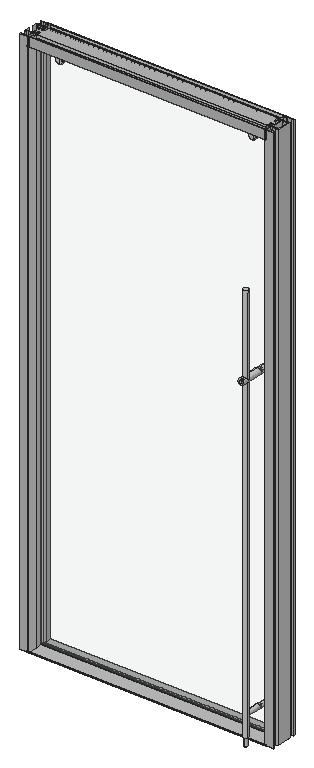
Revit family "Doors_Sliding_Avanti_Systems_Cloud-Eclipse-Sliding-Glass-Pocket-Doors_Solid-wall", category Doors, host Wall, Revit 2015 (continued)
Definition of nested family "Door Frame Left"
  Lines and regions (in)
    model lines, in view "Ref. Level"
      curve 44: arc (0.19913, 1.20807, 0) -> (0.18152, 1.21244, 0) -> (0.16762, 1.20079, 0) r 0.02
      curve 45: arc (0.40003, 1.33422, 0) -> (0.36005, 1.39676, 0) -> (0.2915, 1.42526, 0) r 0.124
      curve 46: arc (0.2749, 1.453, 0) -> (0.27614, 1.4349, 0) -> (0.2915, 1.42526, 0) r 0.02
      curve 47: arc (0.0016, 0.96375, 0) -> (0.0004, 0.95992, 0) -> (0, 0.95592, 0) r 0.02
      curve 48: arc (0.06, 0.56063, 0) -> (0.06413, 0.54846, 0) -> (0.07482, 0.54131, 0) r 0.02
      curve 49: arc (0.0616, 0.95152, 0) -> (0.0604, 0.94769, 0) -> (0.06, 0.94369, 0) r 0.02
      curve 50: arc (0.71754, -0.89988, 0) -> (0.7234, -0.91402, 0) -> (0.73754, -0.91988, 0) r 0.02
      curve 51: arc (1.73836, -1.86591, 0) -> (1.73422, -1.85373, 0) -> (1.72353, -1.84659, 0) r 0.02
      curve 52: arc (1.71836, -2, 0) -> (1.7325, -1.99414, 0) -> (1.73836, -1.98, 0) r 0.02
      curve 53: arc (0.65723, -1.92, 0) -> (0.66309, -1.93414, 0) -> (0.67723, -1.94, 0) r 0.02
      curve 54: arc (0.47686, -1.92783, 0) -> (0.48424, -1.93668, 0) -> (0.49527, -1.94, 0) r 0.02
      curve 55: arc (1.39529, -1.94, 0) -> (1.40747, -1.93587, 0) -> (1.41461, -1.92518, 0) r 0.02
      curve 56: arc (1.47427, -1.7798, 0) -> (1.4591, -1.7818, 0) -> (1.44978, -1.79394, 0) r 0.02
      curve 57: arc (1.44978, -1.12606, 0) -> (1.4591, -1.1382, 0) -> (1.47427, -1.1402, 0) r 0.02
      curve 58: arc (1.7216, -1.07393, 0) -> (1.73229, -1.06679, 0) -> (1.73642, -1.05461, 0) r 0.02
      curve 59: arc (1.44978, -1.12606, 0) -> (1.4591, -1.1382, 0) -> (1.47427, -1.1402, 0) r 0.02
      curve 60: arc (1.41989, -1.01452, 0) -> (1.40616, -0.99358, 0) -> (1.38266, -0.9849, 0) r 0.04
      curve 61: arc (1.38266, -0.9849, 0) -> (1.37459, -0.98629, 0) -> (1.36776, -0.9908, 0) r 0.02
      curve 62: arc (1.47502, -1.78, 0) -> (1.46253, -1.7807, 0) -> (1.45291, -1.78868, 0) r 0.02
      curve 63: arc (1.46422, -0.91988, 0) -> (1.49172, -0.94744, 0) -> (1.51921, -0.91988, 0) r 0.0275
      curve 64: arc (1.46422, -0.90826, 0) -> (1.46143, -0.89807, 0) -> (1.45384, -0.89073, 0) r 0.02
      curve 65: arc (0.57723, -1.94, 0) -> (0.59137, -1.93414, 0) -> (0.59723, -1.92, 0) r 0.02
      curve 66: arc (0.67723, -1.09301, 0) -> (0.66309, -1.09887, 0) -> (0.65723, -1.11301, 0) r 0.02
      curve 67: arc (0.50171, -0.95901, 0) -> (0.57892, -0.85835, 0) -> (0.47785, -0.93503, 0) r 0.064
      curve 68: arc (0.41533, -0.86604, 0) -> (0.41022, -0.91639, 0) -> (0.42565, -0.96459, 0) r 0.124
      curve 69: arc (0.47187, -1.01106, 0) -> (0.52041, -1.02679, 0) -> (0.57116, -1.02164, 0) r 0.124
      curve 70: arc (0.62308, -0.81771, 0) -> (0.57698, -0.78735, 0) -> (0.52227, -0.78, 0) r 0.124
      curve 71: arc (0.62308, -0.81771, 0) -> (0.64498, -0.82243, 0) -> (0.65753, -0.80387, 0) r 0.02
      curve 72: arc (0.59723, -1.0407, 0) -> (0.58904, -1.02455, 0) -> (0.57116, -1.02164, 0) r 0.02
      curve 73: arc (0.41533, -0.86604, 0) -> (0.4124, -0.84818, 0) -> (0.39627, -0.84, 0) r 0.02
      curve 74: arc (1.20758, -1.09301, 0) -> (1.22172, -1.08716, 0) -> (1.22758, -1.07301, 0) r 0.02
      curve 75: arc (1.22403, -0.93503, 0) -> (1.31125, -0.95918, 0) -> (1.3354, -0.87195, 0) r 0.064
      curve 76: arc (1.31154, -0.84796, 0) -> (1.23458, -0.85811, 0) -> (1.22403, -0.93503, 0) r 0.064
      curve 77: arc (1.25204, -1.02436, 0) -> (1.31425, -1.02258, 0) -> (1.36776, -0.9908, 0) r 0.124
      curve 78: arc (1.25204, -1.02436, 0) -> (1.23511, -1.02821, 0) -> (1.22758, -1.04386, 0) r 0.02
      curve 79: arc (1.34138, -0.79591, 0) -> (1.2189, -0.79542, 0) -> (1.15575, -0.90038, 0) r 0.124
      curve 80: arc (1.13576, -0.91988, 0) -> (1.14972, -0.91419, 0) -> (1.15575, -0.90038, 0) r 0.02
      curve 81: arc (0.34204, -1.28468, 0) -> (0.21636, -1.30192, 0) -> (0.34212, -1.31851, 0) r 0.064
      curve 82: arc (0.39986, -1.26867, 0) -> (0.3162, -1.18305, 0) -> (0.19913, -1.20807, 0) r 0.124
      curve 83: arc (0.16762, -1.20079, 0) -> (0.18152, -1.21244, 0) -> (0.19913, -1.20807, 0) r 0.02
      curve 84: arc (0.2915, -1.42526, 0) -> (0.36005, -1.39676, 0) -> (0.40003, -1.33422, 0) r 0.124
      curve 85: arc (0.2915, -1.42526, 0) -> (0.27614, -1.4349, 0) -> (0.2749, -1.453, 0) r 0.02
      curve 86: arc (0, -0.95592, 0) -> (0.0004, -0.95992, 0) -> (0.0016, -0.96375, 0) r 0.02
      curve 87: arc (0.06, -0.76, 0) -> (0.06586, -0.77414, 0) -> (0.08, -0.78, 0) r 0.02
      curve 88: arc (0.07482, -0.53864, 0) -> (0.06413, -0.54578, 0) -> (0.06, -0.55796, 0) r 0.02
      curve 89: arc (0.08, -0.84, 0) -> (0.06586, -0.84586, 0) -> (0.06, -0.86, 0) r 0.02
      curve 90: arc (0.06, -0.94369, 0) -> (0.0604, -0.94769, 0) -> (0.0616, -0.95152, 0) r 0.02
      curve 91: arc (1.65642, -0.91988, 0) -> (1.67056, -0.91402, 0) -> (1.67642, -0.89988, 0) r 0.02
      curve 92: arc (1.67642, 0.89988, 0) -> (1.67056, 0.91402, 0) -> (1.65642, 0.91988, 0) r 0.02
      curve 93: arc (0.73723, 0.91988, 0) -> (0.72309, 0.91402, 0) -> (0.71723, 0.89988, 0) r 0.02
      curve 94: arc (0.01483, -0.38499, 0) -> (0.00413, -0.39214, 0) -> (0, -0.40431, 0) r 0.02
      curve 95: arc (0.30652, -0.47655, 0) -> (0.31866, -0.46724, 0) -> (0.32066, -0.45206, 0) r 0.02
      curve 96: arc (0.31872, 0.45526, 0) -> (0.31673, 0.47043, 0) -> (0.30458, 0.47975, 0) r 0.02
      curve 97: line (0.73723, 0.91988, 0) -> (1.13576, 0.91988, 0)
      curve 98: line (1.65642, 0.91988, 0) -> (1.51921, 0.91988, 0)
      curve 99: line (1.51921, 0.91988, 0) -> (1.59966, 0.91988, 0)
      curve 100: line (1.3119, 1.94, 0) -> (1.37995, 1.94, 0)
      curve 101: line (1.73836, 1.86591, 0) -> (1.73836, 1.98, 0)
      curve 102: line (1.71836, 2, 0) -> (0.45559, 2, 0)
      curve 103: line (1.39529, 1.94, 0) -> (0.67723, 1.94, 0)
      curve 104: line (0.57723, 1.94, 0) -> (0.49527, 1.94, 0)
      curve 105: line (1.47427, 1.7798, 0) -> (1.571, 1.80572, 0)
      curve 106: line (1.56001, 1.84619, 0) -> (1.50205, 1.83066, 0)
      curve 107: line (1.50205, 1.83066, 0) -> (1.48601, 1.89055, 0)
      curve 108: line (1.48601, 1.89055, 0) -> (1.69851, 1.94749, 0)
      curve 109: line (1.69851, 1.94749, 0) -> (1.71456, 1.8876, 0)
      curve 110: line (1.71456, 1.8876, 0) -> (1.6566, 1.87207, 0)
      curve 111: line (1.6566, 1.87207, 0) -> (1.66746, 1.83156, 0)
      curve 112: line (1.66746, 1.83156, 0) -> (1.72353, 1.84659, 0)
      curve 113: line (1.41461, 1.92518, 0) -> (1.44978, 1.79394, 0)
      curve 114: line (1.47427, 1.1402, 0) -> (1.571, 1.11428, 0)
      curve 115: line (1.7216, 1.07393, 0) -> (1.66746, 1.08844, 0)
      curve 116: line (1.66746, 1.08844, 0) -> (1.6566, 1.04793, 0)
      curve 117: line (1.6566, 1.04793, 0) -> (1.71456, 1.0324, 0)
      curve 118: line (1.71456, 1.0324, 0) -> (1.69851, 0.97251, 0)
      curve 119: line (1.69851, 0.97251, 0) -> (1.48601, 1.02945, 0)
      curve 120: line (1.48601, 1.02945, 0) -> (1.50205, 1.08934, 0)
      curve 121: line (1.50205, 1.08934, 0) -> (1.56001, 1.07381, 0)
      curve 122: line (1.41989, 1.01452, 0) -> (1.44978, 1.12606, 0)
      curve 123: line (1.46422, 0.91988, 0) -> (1.46422, 0.90826, 0)
      curve 124: line (0.54481, 0.78, 0) -> (0.08, 0.78, 0)
      curve 125: line (0.39627, 0.84, 0) -> (0.08, 0.84, 0)
      curve 126: line (0.59723, 1.92, 0) -> (0.59723, 1.0407, 0)
      curve 127: line (0.65723, 1.92, 0) -> (0.65723, 1.31753, 0)
      curve 128: line (0.65723, 1.31753, 0) -> (0.64128, 1.30176, 0)
      curve 129: line (0.64128, 1.30176, 0) -> (0.65723, 1.28599, 0)
      curve 130: line (0.65723, 1.28599, 0) -> (0.65723, 1.11301, 0)
      curve 131: line (0.73714, 1.09301, 0) -> (0.73714, 1.05301, 0)
      curve 132: line (0.73714, 1.05301, 0) -> (0.65723, 1.04901, 0)
      curve 133: line (0.65723, 1.04901, 0) -> (0.65723, 0.98901, 0)
      curve 134: line (0.65723, 0.98901, 0) -> (1.16758, 0.98901, 0)
      curve 135: line (1.16758, 0.98901, 0) -> (1.16358, 1.05301, 0)
      curve 136: line (1.16358, 1.05301, 0) -> (1.08758, 1.05301, 0)
      curve 137: line (1.20758, 1.09301, 0) -> (1.08758, 1.09301, 0)
      curve 138: line (1.08758, 1.09301, 0) -> (1.08758, 1.05301, 0)
      curve 139: line (0.67723, 1.09301, 0) -> (0.73714, 1.09301, 0)
      curve 140: line (0.73714, 1.09301, 0) -> (0.67723, 1.09301, 0)
      curve 141: line (1.22758, 1.07301, 0) -> (1.22758, 1.04386, 0)
      curve 142: line (0.50171, 0.95901, 0) -> (0.47187, 1.01106, 0)
      curve 143: line (0.47785, 0.93503, 0) -> (0.42565, 0.96459, 0)
      curve 144: line (1.34138, 0.79591, 0) -> (1.31154, 0.84796, 0)
      curve 145: line (1.45384, 0.89073, 0) -> (1.38761, 0.84238, 0)
      curve 146: line (1.38761, 0.84238, 0) -> (1.3354, 0.87195, 0)
      curve 147: line (0.34212, 1.31851, 0) -> (0.40003, 1.33422, 0)
      curve 148: line (0.34204, 1.28468, 0) -> (0.39986, 1.26867, 0)
      curve 149: line (0, 0.42254, 0) -> (0, 0.95592, 0)
      curve 150: line (0.06, 0.56063, 0) -> (0.06, 0.76, 0)
      curve 151: line (0.06, 0.86, 0) -> (0.06, 0.94369, 0)
      curve 152: line (0.0016, 0.96375, 0) -> (0.43718, 1.98783, 0)
      curve 153: line (0.0616, 0.95152, 0) -> (0.16762, 1.20079, 0)
      curve 154: line (0.2749, 1.453, 0) -> (0.47686, 1.92783, 0)
      curve 155: line (0.73754, -0.91988, 0) -> (1.13576, -0.91988, 0)
      curve 156: line (1.65642, -0.91988, 0) -> (1.51921, -0.91988, 0)
      curve 157: line (1.51921, -0.91988, 0) -> (1.59966, -0.91988, 0)
      curve 158: line (1.73836, -1.86591, 0) -> (1.73836, -1.98, 0)
      curve 159: line (1.71836, -2, 0) -> (0.45559, -2, 0)
      curve 160: line (1.39529, -1.94, 0) -> (0.67723, -1.94, 0)
      curve 161: line (0.57723, -1.94, 0) -> (0.49527, -1.94, 0)
      curve 162: line (1.47427, -1.7798, 0) -> (1.571, -1.80572, 0)
      curve 163: line (1.571, -1.80572, 0) -> (1.56001, -1.84619, 0)
      curve 164: line (1.56001, -1.84619, 0) -> (1.50205, -1.83066, 0)
      curve 165: line (1.50205, -1.83066, 0) -> (1.48601, -1.89055, 0)
      curve 166: line (1.48601, -1.89055, 0) -> (1.69851, -1.94749, 0)
      curve 167: line (1.69851, -1.94749, 0) -> (1.71456, -1.8876, 0)
      curve 168: line (1.71456, -1.8876, 0) -> (1.6566, -1.87207, 0)
      curve 169: line (1.6566, -1.87207, 0) -> (1.66746, -1.83156, 0)
      curve 170: line (1.66746, -1.83156, 0) -> (1.72353, -1.84659, 0)
      curve 171: line (1.41461, -1.92518, 0) -> (1.44978, -1.79394, 0)
      curve 172: line (1.47427, -1.1402, 0) -> (1.571, -1.11428, 0)
      curve 173: line (1.7216, -1.07393, 0) -> (1.66746, -1.08844, 0)
      curve 174: line (1.66746, -1.08844, 0) -> (1.6566, -1.04793, 0)
      curve 175: line (1.6566, -1.04793, 0) -> (1.71456, -1.0324, 0)
      curve 176: line (1.71456, -1.0324, 0) -> (1.69851, -0.97251, 0)
      curve 177: line (1.69851, -0.97251, 0) -> (1.48601, -1.02945, 0)
      curve 178: line (1.48601, -1.02945, 0) -> (1.50205, -1.08934, 0)
      curve 179: line (1.50205, -1.08934, 0) -> (1.56001, -1.07381, 0)
      curve 180: line (1.56001, -1.07381, 0) -> (1.571, -1.11428, 0)
      curve 181: line (1.41989, -1.01452, 0) -> (1.44978, -1.12606, 0)
      curve 182: line (1.46422, -0.91988, 0) -> (1.46422, -0.90826, 0)
      curve 183: line (0.54481, -0.78, 0) -> (0.08, -0.78, 0)
      curve 184: line (0.39627, -0.84, 0) -> (0.08, -0.84, 0)
      curve 185: line (0.59723, -1.92, 0) -> (0.59723, -1.0407, 0)
      curve 186: line (0.65723, -1.92, 0) -> (0.65723, -1.31753, 0)
      curve 187: line (0.65723, -1.31753, 0) -> (0.64128, -1.30176, 0)
      curve 188: line (0.64128, -1.30176, 0) -> (0.65723, -1.28599, 0)
      curve 189: line (0.65723, -1.28599, 0) -> (0.65723, -1.11301, 0)
      curve 190: line (0.73714, -1.09301, 0) -> (0.73714, -1.05301, 0)
      curve 191: line (0.73714, -1.05301, 0) -> (0.65723, -1.04901, 0)
      curve 192: line (0.65723, -1.04901, 0) -> (0.65723, -0.98901, 0)
      curve 193: line (0.65723, -0.98901, 0) -> (1.16758, -0.98901, 0)
      curve 194: line (1.16758, -0.98901, 0) -> (1.16358, -1.05301, 0)
      curve 195: line (1.16358, -1.05301, 0) -> (1.08758, -1.05301, 0)
      curve 196: line (1.20758, -1.09301, 0) -> (1.08758, -1.09301, 0)
      curve 197: line (1.08758, -1.09301, 0) -> (1.08758, -1.05301, 0)
      curve 198: line (0.67723, -1.09301, 0) -> (0.73714, -1.09301, 0)
      curve 199: line (0.73714, -1.09301, 0) -> (0.67723, -1.09301, 0)
      curve 200: line (1.22758, -1.07301, 0) -> (1.22758, -1.04386, 0)
      curve 201: line (0.50171, -0.95901, 0) -> (0.47187, -1.01106, 0)
      curve 202: line (0.47785, -0.93503, 0) -> (0.42565, -0.96459, 0)
      curve 203: line (1.34138, -0.79591, 0) -> (1.31154, -0.84796, 0)
      curve 204: line (1.45384, -0.89073, 0) -> (1.38761, -0.84238, 0)
      curve 205: line (1.38761, -0.84238, 0) -> (1.3354, -0.87195, 0)
      curve 206: line (0.34212, -1.31851, 0) -> (0.40003, -1.33422, 0)
      curve 207: line (0.34204, -1.28468, 0) -> (0.39986, -1.26867, 0)
      curve 208: line (0, -0.42254, 0) -> (0, -0.95592, 0)
      curve 209: line (0.06, -0.55796, 0) -> (0.06, -0.76, 0)
      curve 210: line (0.06, -0.86, 0) -> (0.06, -0.94369, 0)
      curve 211: line (0.0016, -0.96375, 0) -> (0.43718, -1.98783, 0)
      curve 212: line (0.0616, -0.95152, 0) -> (0.16762, -1.20079, 0)
      curve 213: line (0.2749, -1.453, 0) -> (0.47686, -1.92783, 0)
      curve 214: line (1.67642, -0.36, 0) -> (1.67642, -0.5569, 0)
      curve 215: line (1.67642, -0.5569, 0) -> (1.67642, -0.34, 0)
      curve 216: line (1.67642, -0.34, 0) -> (1.73642, -0.34, 0)
      curve 217: line (1.73642, -0.34, 0) -> (1.73642, -0.93988, 0)
      curve 218: line (1.73642, -0.93988, 0) -> (1.73642, -1.05461, 0)
      curve 219: line (1.67642, 0.89988, 0) -> (1.67642, 0.6169, 0)
      curve 220: line (1.67642, 0.6169, 0) -> (1.61642, 0.6169, 0)
      curve 221: line (1.61642, 0.6169, 0) -> (1.61642, 0.5569, 0)
      curve 222: line (1.61642, 0.5569, 0) -> (1.67642, 0.5569, 0)
      curve 223: line (1.67642, 0.5569, 0) -> (1.67642, 0.34, 0)
      curve 224: line (1.67642, 0.34, 0) -> (1.73642, 0.34, 0)
      curve 225: line (1.73642, 0.34, 0) -> (1.73642, 0.93988, 0)
      curve 226: line (0.71723, 0.89988, 0) -> (0.71723, 0.34, 0)
      curve 227: line (0.71723, 0.34, 0) -> (0.65733, 0.34, 0)
      curve 228: line (0.65733, 0.34, 0) -> (0.65733, 0.80358, 0)
      curve 229: line (0.65753, -0.80387, 0) -> (0.65753, -0.34, 0)
      curve 230: line (0.65753, -0.34, 0) -> (0.71745, -0.34, 0)
      curve 231: line (0.71745, -0.34, 0) -> (0.71745, -0.89988, 0)
      curve 232: line (1.67642, -0.89988, 0) -> (1.67642, -0.6169, 0)
      curve 233: line (1.67642, -0.6169, 0) -> (1.61642, -0.6169, 0)
      curve 234: line (1.61642, -0.6169, 0) -> (1.61642, -0.5569, 0)
      curve 235: line (1.61642, -0.5569, 0) -> (1.67642, -0.5569, 0)
      curve 236: line (0, -0.40431, 0) -> (0, -0.5184, 0)
      curve 237: line (0.17835, -0.38459, 0) -> (0.2363, -0.36906, 0)
      curve 238: line (0.2363, -0.36906, 0) -> (0.25235, -0.42895, 0)
      curve 239: line (0.25235, -0.42895, 0) -> (0.03985, -0.48589, 0)
      curve 240: line (0.03985, -0.48589, 0) -> (0.0238, -0.426, 0)
      curve 241: line (0.0238, -0.426, 0) -> (0.08176, -0.41048, 0)
      curve 242: line (0.08176, -0.41048, 0) -> (0.0709, -0.36997, 0)
      curve 243: line (0.0709, -0.36997, 0) -> (0.01483, -0.38499, 0)
      curve 244: line (0.07482, -0.53864, 0) -> (0.30652, -0.47655, 0)
      curve 245: line (0.32066, -0.45206, 0) -> (0.29063, -0.34, 0)
      curve 246: line (0.29063, -0.34, 0) -> (0.18274, -0.34, 0)
      curve 247: line (0.18274, -0.34, 0) -> (0.16736, -0.34412, 0)
      curve 248: line (0.17641, 0.38779, 0) -> (0.23437, 0.37226, 0)
      curve 249: line (0.23437, 0.37226, 0) -> (0.25042, 0.43215, 0)
      curve 250: line (0.25042, 0.43215, 0) -> (0.03791, 0.48909, 0)
      curve 251: line (0.03791, 0.48909, 0) -> (0.02187, 0.4292, 0)
      curve 252: line (0.02187, 0.4292, 0) -> (0.08875, 0.41144, 0)
      curve 253: line (0.08875, 0.41144, 0) -> (0.0779, 0.37093, 0)
      curve 254: line (0.0779, 0.37093, 0) -> (0.01483, 0.38767, 0)
      curve 255: line (0.07482, 0.54131, 0) -> (0.30458, 0.47975, 0)
      curve 256: line (0.31872, 0.45526, 0) -> (0.28784, 0.34, 0)
      curve 257: line (0.28784, 0.34, 0) -> (0.19273, 0.34, 0)
      curve 258: line (0.19273, 0.34, 0) -> (0.16542, 0.34732, 0)
      curve 259: line (1.3119, -1.94, 0) -> (1.37995, -1.94, 0)
      curve 260: line (0.45559, 2, 0) -> (1.71836, 2, 0)
Definition of nested family "Door Frame Right"
  Reference planes (in)
    plane 1 "Center (Front/Back)": y = 0
    plane 2: z = 0
    plane 3 "Center (Left/Right)": x = 0
  Lines and regions (in)
    model lines, in view "Ref. Level"
      curve 1: arc (-1.7216, 1.07393, 0) -> (-1.73229, 1.06679, 0) -> (-1.73642, 1.05461, 0) r 0.02
      curve 2: line (-1.56001, 1.84619, 0) -> (-1.571, 1.80572, 0)
      curve 3: line (-1.56001, 1.07381, 0) -> (-1.571, 1.11428, 0)
      curve 4: line (-1.73642, 0.93988, 0) -> (-1.73642, 1.05461, 0)
      curve 5: line (-1.56001, -1.84619, 0) -> (-1.571, -1.80572, 0)
      curve 6: arc (-0.43718, 1.98783, 0) -> (-0.44455, 1.99668, 0) -> (-0.45559, 2, 0) r 0.02
      curve 7: arc (-1.73836, 1.86591, 0) -> (-1.73422, 1.85373, 0) -> (-1.72353, 1.84659, 0) r 0.02
      curve 8: arc (-1.71836, 2, 0) -> (-1.7325, 1.99414, 0) -> (-1.73836, 1.98, 0) r 0.02
      curve 9: arc (-0.65723, 1.92, 0) -> (-0.66309, 1.93414, 0) -> (-0.67723, 1.94, 0) r 0.02
      curve 10: arc (-0.47686, 1.92783, 0) -> (-0.48424, 1.93668, 0) -> (-0.49527, 1.94, 0) r 0.02
      curve 11: arc (-1.39529, 1.94, 0) -> (-1.40747, 1.93587, 0) -> (-1.41461, 1.92518, 0) r 0.02
      curve 12: arc (-1.47427, 1.7798, 0) -> (-1.4591, 1.7818, 0) -> (-1.44978, 1.79394, 0) r 0.02
      curve 13: arc (-1.44978, 1.12606, 0) -> (-1.4591, 1.1382, 0) -> (-1.47427, 1.1402, 0) r 0.02
      curve 14: arc (-1.44978, 1.12606, 0) -> (-1.4591, 1.1382, 0) -> (-1.47427, 1.1402, 0) r 0.02
      curve 15: arc (-1.41989, 1.01452, 0) -> (-1.40616, 0.99358, 0) -> (-1.38266, 0.9849, 0) r 0.04
      curve 16: arc (-1.38266, 0.9849, 0) -> (-1.37459, 0.98629, 0) -> (-1.36776, 0.9908, 0) r 0.02
      curve 17: arc (-1.47502, 1.78, 0) -> (-1.46253, 1.7807, 0) -> (-1.45291, 1.78868, 0) r 0.02
      curve 18: arc (-1.46422, 0.91988, 0) -> (-1.49172, 0.94744, 0) -> (-1.51921, 0.91988, 0) r 0.0275
      curve 19: arc (-1.46422, 0.90826, 0) -> (-1.46143, 0.89807, 0) -> (-1.45384, 0.89073, 0) r 0.02
      curve 20: arc (-0.06, 0.76, 0) -> (-0.06586, 0.77414, 0) -> (-0.08, 0.78, 0) r 0.02
      curve 21: arc (-0.08, 0.84, 0) -> (-0.06586, 0.84586, 0) -> (-0.06, 0.86, 0) r 0.02
      curve 22: arc (-0.57723, 1.94, 0) -> (-0.59137, 1.93414, 0) -> (-0.59723, 1.92, 0) r 0.02
      curve 23: arc (-0.67723, 1.09301, 0) -> (-0.66309, 1.09887, 0) -> (-0.65723, 1.11301, 0) r 0.02
      curve 24: arc (-0.50171, 0.95901, 0) -> (-0.57892, 0.85835, 0) -> (-0.47785, 0.93503, 0) r 0.064
      curve 25: arc (-0.41533, 0.86604, 0) -> (-0.41022, 0.91639, 0) -> (-0.42565, 0.96459, 0) r 0.124
      curve 26: arc (-0.47187, 1.01106, 0) -> (-0.52041, 1.02679, 0) -> (-0.57116, 1.02164, 0) r 0.124
      curve 27: arc (-0.62284, 0.81746, 0) -> (-0.57682, 0.78728, 0) -> (-0.52227, 0.78, 0) r 0.124
      curve 28: arc (-0.62284, 0.81746, 0) -> (-0.64473, 0.82213, 0) -> (-0.65725, 0.80358, 0) r 0.02
      curve 29: arc (-0.59723, 1.0407, 0) -> (-0.58904, 1.02455, 0) -> (-0.57116, 1.02164, 0) r 0.02
      curve 30: arc (-0.41533, 0.86604, 0) -> (-0.4124, 0.84818, 0) -> (-0.39627, 0.84, 0) r 0.02
      curve 31: arc (-1.16758, 0.98901, 0) -> (-1.16641, 0.98619, 0) -> (-1.16358, 0.98501, 0) r 0.004
      curve 32: arc (-1.16358, 1.05301, 0) -> (-1.16641, 1.05184, 0) -> (-1.16758, 1.04901, 0) r 0.004
      curve 33: arc (-1.20758, 1.09301, 0) -> (-1.22172, 1.08716, 0) -> (-1.22758, 1.07301, 0) r 0.02
      curve 34: arc (-1.22403, 0.93503, 0) -> (-1.31125, 0.95918, 0) -> (-1.3354, 0.87195, 0) r 0.064
      curve 35: arc (-1.31154, 0.84796, 0) -> (-1.23458, 0.85811, 0) -> (-1.22403, 0.93503, 0) r 0.064
      curve 36: arc (-1.25204, 1.02436, 0) -> (-1.31425, 1.02258, 0) -> (-1.36776, 0.9908, 0) r 0.124
      curve 37: arc (-1.25204, 1.02436, 0) -> (-1.23511, 1.02821, 0) -> (-1.22758, 1.04386, 0) r 0.02
      curve 38: arc (-1.34138, 0.79591, 0) -> (-1.2189, 0.79542, 0) -> (-1.15575, 0.90038, 0) r 0.124
      curve 39: arc (-1.13576, 0.91988, 0) -> (-1.14972, 0.91419, 0) -> (-1.15575, 0.90038, 0) r 0.02
      curve 40: arc (-0.34204, 1.28468, 0) -> (-0.21636, 1.30192, 0) -> (-0.34212, 1.31851, 0) r 0.064
      curve 41: arc (-0.39986, 1.26867, 0) -> (-0.3162, 1.18305, 0) -> (-0.19913, 1.20807, 0) r 0.124
      curve 42: arc (-0.16762, 1.20079, 0) -> (-0.18152, 1.21244, 0) -> (-0.19913, 1.20807, 0) r 0.02
      curve 43: arc (-0.2915, 1.42526, 0) -> (-0.36005, 1.39676, 0) -> (-0.40003, 1.33422, 0) r 0.124
      curve 44: arc (-0.2915, 1.42526, 0) -> (-0.27614, 1.4349, 0) -> (-0.2749, 1.453, 0) r 0.02
      curve 45: arc (0, 0.95592, 0) -> (-0.0004, 0.95992, 0) -> (-0.0016, 0.96375, 0) r 0.02
      curve 46: arc (-0.07482, 0.54131, 0) -> (-0.06413, 0.54846, 0) -> (-0.06, 0.56063, 0) r 0.02
      curve 47: arc (-0.06, 0.94369, 0) -> (-0.0604, 0.94769, 0) -> (-0.0616, 0.95152, 0) r 0.02
      curve 48: arc (-0.73754, -0.91988, 0) -> (-0.7234, -0.91402, 0) -> (-0.71754, -0.89988, 0) r 0.02
      curve 49: arc (-1.72353, -1.84659, 0) -> (-1.73422, -1.85373, 0) -> (-1.73836, -1.86591, 0) r 0.02
      curve 50: arc (-1.73836, -1.98, 0) -> (-1.7325, -1.99414, 0) -> (-1.71836, -2, 0) r 0.02
      curve 51: arc (-0.45559, -2, 0) -> (-0.44455, -1.99668, 0) -> (-0.43718, -1.98783, 0) r 0.02
      curve 52: arc (-0.67723, -1.94, 0) -> (-0.66309, -1.93414, 0) -> (-0.65723, -1.92, 0) r 0.02
      curve 53: arc (-0.49527, -1.94, 0) -> (-0.48424, -1.93668, 0) -> (-0.47686, -1.92783, 0) r 0.02
      curve 54: arc (-1.41461, -1.92518, 0) -> (-1.40747, -1.93587, 0) -> (-1.39529, -1.94, 0) r 0.02
      curve 55: arc (-1.44978, -1.79394, 0) -> (-1.4591, -1.7818, 0) -> (-1.47427, -1.7798, 0) r 0.02
      curve 56: arc (-1.47427, -1.1402, 0) -> (-1.4591, -1.1382, 0) -> (-1.44978, -1.12606, 0) r 0.02
      curve 57: arc (-1.73642, -1.05461, 0) -> (-1.73229, -1.06679, 0) -> (-1.7216, -1.07393, 0) r 0.02
      curve 58: arc (-1.47427, -1.1402, 0) -> (-1.4591, -1.1382, 0) -> (-1.44978, -1.12606, 0) r 0.02
      curve 59: arc (-1.38266, -0.9849, 0) -> (-1.40616, -0.99358, 0) -> (-1.41989, -1.01452, 0) r 0.04
      curve 60: arc (-1.36776, -0.9908, 0) -> (-1.37459, -0.98629, 0) -> (-1.38266, -0.9849, 0) r 0.02
      curve 61: arc (-1.45291, -1.78868, 0) -> (-1.46253, -1.7807, 0) -> (-1.47502, -1.78, 0) r 0.02
      curve 62: arc (-1.51921, -0.91988, 0) -> (-1.49172, -0.94744, 0) -> (-1.46422, -0.91988, 0) r 0.0275
      curve 63: arc (-1.45384, -0.89073, 0) -> (-1.46143, -0.89807, 0) -> (-1.46422, -0.90826, 0) r 0.02
      curve 64: arc (-0.59723, -1.92, 0) -> (-0.59137, -1.93414, 0) -> (-0.57723, -1.94, 0) r 0.02
      curve 65: arc (-0.65723, -1.11301, 0) -> (-0.66309, -1.09887, 0) -> (-0.67723, -1.09301, 0) r 0.02
      curve 66: arc (-0.47785, -0.93503, 0) -> (-0.57892, -0.85835, 0) -> (-0.50171, -0.95901, 0) r 0.064
      curve 67: arc (-0.42565, -0.96459, 0) -> (-0.41022, -0.91639, 0) -> (-0.41533, -0.86604, 0) r 0.124
      curve 68: arc (-0.57116, -1.02164, 0) -> (-0.52041, -1.02679, 0) -> (-0.47187, -1.01106, 0) r 0.124
      curve 69: arc (-0.54481, -0.78, 0) -> (-0.58736, -0.79177, 0) -> (-0.62308, -0.81771, 0) r 0.124
      curve 70: arc (-0.65725, -0.80055, 0) -> (-0.6465, -0.82174, 0) -> (-0.62308, -0.81771, 0) r 0.02
      curve 71: arc (-0.57116, -1.02164, 0) -> (-0.58904, -1.02455, 0) -> (-0.59723, -1.0407, 0) r 0.02
      curve 72: arc (-0.39627, -0.84, 0) -> (-0.4124, -0.84818, 0) -> (-0.41533, -0.86604, 0) r 0.02
      curve 73: arc (-1.22758, -1.07301, 0) -> (-1.22172, -1.08716, 0) -> (-1.20758, -1.09301, 0) r 0.02
      curve 74: arc (-1.3354, -0.87195, 0) -> (-1.31125, -0.95918, 0) -> (-1.22403, -0.93503, 0) r 0.064
      curve 75: arc (-1.22403, -0.93503, 0) -> (-1.23458, -0.85811, 0) -> (-1.31154, -0.84796, 0) r 0.064
      curve 76: arc (-1.36776, -0.9908, 0) -> (-1.31425, -1.02258, 0) -> (-1.25204, -1.02436, 0) r 0.124
      curve 77: arc (-1.22758, -1.04386, 0) -> (-1.23511, -1.02821, 0) -> (-1.25204, -1.02436, 0) r 0.02
      curve 78: arc (-1.15575, -0.90038, 0) -> (-1.2189, -0.79542, 0) -> (-1.34138, -0.79591, 0) r 0.124
      curve 79: arc (-1.15575, -0.90038, 0) -> (-1.14972, -0.91419, 0) -> (-1.13576, -0.91988, 0) r 0.02
      curve 80: arc (-0.34212, -1.31851, 0) -> (-0.21636, -1.30192, 0) -> (-0.34204, -1.28468, 0) r 0.064
      curve 81: arc (-0.19913, -1.20807, 0) -> (-0.3162, -1.18305, 0) -> (-0.39986, -1.26867, 0) r 0.124
      curve 82: arc (-0.19913, -1.20807, 0) -> (-0.18152, -1.21244, 0) -> (-0.16762, -1.20079, 0) r 0.02
      curve 83: arc (-0.40003, -1.33422, 0) -> (-0.36005, -1.39676, 0) -> (-0.2915, -1.42526, 0) r 0.124
      curve 84: arc (-0.2749, -1.453, 0) -> (-0.27614, -1.4349, 0) -> (-0.2915, -1.42526, 0) r 0.02
      curve 85: arc (-0.0016, -0.96375, 0) -> (-0.0004, -0.95992, 0) -> (0, -0.95592, 0) r 0.02
      curve 86: arc (-0.08, -0.78, 0) -> (-0.06586, -0.77414, 0) -> (-0.06, -0.76, 0) r 0.02
      curve 87: arc (-0.06, -0.55796, 0) -> (-0.06413, -0.54578, 0) -> (-0.07482, -0.53864, 0) r 0.02
      curve 88: arc (-0.06, -0.86, 0) -> (-0.06586, -0.84586, 0) -> (-0.08, -0.84, 0) r 0.02
      curve 89: arc (-0.0616, -0.95152, 0) -> (-0.0604, -0.94769, 0) -> (-0.06, -0.94369, 0) r 0.02
      curve 90: arc (-1.67642, -0.89988, 0) -> (-1.67056, -0.91402, 0) -> (-1.65642, -0.91988, 0) r 0.02
      curve 91: arc (-1.65642, 0.91988, 0) -> (-1.67056, 0.91402, 0) -> (-1.67642, 0.89988, 0) r 0.02
      curve 92: arc (-0.71723, 0.89988, 0) -> (-0.72309, 0.91402, 0) -> (-0.73723, 0.91988, 0) r 0.02
      curve 93: arc (0, -0.40431, 0) -> (-0.00413, -0.39214, 0) -> (-0.01483, -0.38499, 0) r 0.02
      curve 94: arc (-0.32066, -0.45206, 0) -> (-0.31866, -0.46724, 0) -> (-0.30652, -0.47655, 0) r 0.02
      curve 95: arc (-0.26409, -0.3182, 0) -> (-0.27926, -0.3202, 0) -> (-0.28858, -0.33234, 0) r 0.02
      curve 96: arc (-0.28665, 0.33554, 0) -> (-0.27733, 0.3234, 0) -> (-0.26215, 0.3214, 0) r 0.02
      curve 97: arc (-0.01483, 0.38767, 0) -> (-0.00414, 0.39481, 0) -> (0, 0.40699, 0) r 0.02
      curve 98: arc (-0.30458, 0.47975, 0) -> (-0.31673, 0.47043, 0) -> (-0.31872, 0.45526, 0) r 0.02
      curve 99: arc (-0.28665, 0.33554, 0) -> (-0.27733, 0.3234, 0) -> (-0.26215, 0.3214, 0) r 0.02
      curve 100: line (-0.73723, 0.91988, 0) -> (-1.13576, 0.91988, 0)
      curve 101: line (-1.65642, 0.91988, 0) -> (-1.51921, 0.91988, 0)
      curve 102: line (-1.51921, 0.91988, 0) -> (-1.59966, 0.91988, 0)
      curve 103: line (-1.3119, 1.94, 0) -> (-1.37995, 1.94, 0)
      curve 104: line (-1.73836, 1.86591, 0) -> (-1.73836, 1.98, 0)
      curve 105: line (-1.71836, 2, 0) -> (-0.45559, 2, 0)
      curve 106: line (-1.39529, 1.94, 0) -> (-0.67723, 1.94, 0)
      curve 107: line (-0.57723, 1.94, 0) -> (-0.49527, 1.94, 0)
      curve 108: line (-1.47427, 1.7798, 0) -> (-1.571, 1.80572, 0)
      curve 109: line (-1.56001, 1.84619, 0) -> (-1.50205, 1.83066, 0)
      curve 110: line (-1.50205, 1.83066, 0) -> (-1.48601, 1.89055, 0)
      curve 111: line (-1.48601, 1.89055, 0) -> (-1.69851, 1.94749, 0)
      curve 112: line (-1.69851, 1.94749, 0) -> (-1.71456, 1.8876, 0)
      curve 113: line (-1.71456, 1.8876, 0) -> (-1.6566, 1.87207, 0)
      curve 114: line (-1.6566, 1.87207, 0) -> (-1.66746, 1.83156, 0)
      curve 115: line (-1.66746, 1.83156, 0) -> (-1.72353, 1.84659, 0)
      curve 116: line (-1.41461, 1.92518, 0) -> (-1.44978, 1.79394, 0)
      curve 117: line (-1.47427, 1.1402, 0) -> (-1.571, 1.11428, 0)
      curve 118: line (-1.7216, 1.07393, 0) -> (-1.66746, 1.08844, 0)
      curve 119: line (-1.66746, 1.08844, 0) -> (-1.6566, 1.04793, 0)
      curve 120: line (-1.6566, 1.04793, 0) -> (-1.71456, 1.0324, 0)
      curve 121: line (-1.71456, 1.0324, 0) -> (-1.69851, 0.97251, 0)
      curve 122: line (-1.69851, 0.97251, 0) -> (-1.48601, 1.02945, 0)
      curve 123: line (-1.48601, 1.02945, 0) -> (-1.50205, 1.08934, 0)
      curve 124: line (-1.50205, 1.08934, 0) -> (-1.56001, 1.07381, 0)
      curve 125: line (-1.41989, 1.01452, 0) -> (-1.44978, 1.12606, 0)
      curve 126: line (-1.46422, 0.91988, 0) -> (-1.46422, 0.90826, 0)
      curve 127: line (-0.54481, 0.78, 0) -> (-0.08, 0.78, 0)
      curve 128: line (-0.39627, 0.84, 0) -> (-0.08, 0.84, 0)
      curve 129: line (-0.59723, 1.92, 0) -> (-0.59723, 1.0407, 0)
      curve 130: line (-0.65723, 1.92, 0) -> (-0.65723, 1.31753, 0)
      curve 131: line (-0.65723, 1.31753, 0) -> (-0.64128, 1.30176, 0)
      curve 132: line (-0.64128, 1.30176, 0) -> (-0.65723, 1.28599, 0)
      curve 133: line (-0.65723, 1.28599, 0) -> (-0.65723, 1.11301, 0)
      curve 134: line (-0.73714, 1.09301, 0) -> (-0.73714, 1.05301, 0)
      curve 135: line (-0.73714, 1.05301, 0) -> (-0.65723, 1.04901, 0)
      curve 136: line (-0.65723, 1.04901, 0) -> (-0.65723, 0.98901, 0)
      curve 137: line (-0.65723, 0.98901, 0) -> (-1.16758, 0.98901, 0)
      curve 138: line (-1.16758, 0.98901, 0) -> (-1.16358, 1.05301, 0)
      curve 139: line (-1.16358, 1.05301, 0) -> (-1.08758, 1.05301, 0)
      curve 140: line (-1.20758, 1.09301, 0) -> (-1.08758, 1.09301, 0)
      curve 141: line (-1.08758, 1.09301, 0) -> (-1.08758, 1.05301, 0)
      curve 142: line (-0.67723, 1.09301, 0) -> (-0.73714, 1.09301, 0)
      curve 143: line (-0.73714, 1.09301, 0) -> (-0.67723, 1.09301, 0)
      curve 144: line (-1.22758, 1.07301, 0) -> (-1.22758, 1.04386, 0)
      curve 145: line (-0.50171, 0.95901, 0) -> (-0.47187, 1.01106, 0)
      curve 146: line (-0.47785, 0.93503, 0) -> (-0.42565, 0.96459, 0)
      curve 147: line (-1.34138, 0.79591, 0) -> (-1.31154, 0.84796, 0)
      curve 148: line (-1.45384, 0.89073, 0) -> (-1.38761, 0.84238, 0)
      curve 149: line (-1.38761, 0.84238, 0) -> (-1.3354, 0.87195, 0)
      curve 150: line (-0.34212, 1.31851, 0) -> (-0.40003, 1.33422, 0)
      curve 151: line (-0.34204, 1.28468, 0) -> (-0.39986, 1.26867, 0)
      curve 152: line (0, 0.42254, 0) -> (0, 0.95592, 0)
      curve 153: line (-0.06, 0.56063, 0) -> (-0.06, 0.76, 0)
      curve 154: line (-0.06, 0.86, 0) -> (-0.06, 0.94369, 0)
      curve 155: line (-0.0016, 0.96375, 0) -> (-0.43718, 1.98783, 0)
      curve 156: line (-0.0616, 0.95152, 0) -> (-0.16762, 1.20079, 0)
      curve 157: line (-0.2749, 1.453, 0) -> (-0.47686, 1.92783, 0)
      curve 158: line (-0.73754, -0.91988, 0) -> (-1.13576, -0.91988, 0)
      curve 159: line (-1.65642, -0.91988, 0) -> (-1.51921, -0.91988, 0)
      curve 160: line (-1.51921, -0.91988, 0) -> (-1.59966, -0.91988, 0)
      curve 161: line (-1.3119, -1.94, 0) -> (-1.37995, -1.94, 0)
      curve 162: line (-1.73836, -1.86591, 0) -> (-1.73836, -1.98, 0)
      curve 163: line (-1.71836, -2, 0) -> (-0.45559, -2, 0)
      curve 164: line (-1.39529, -1.94, 0) -> (-0.67723, -1.94, 0)
      curve 165: line (-0.57723, -1.94, 0) -> (-0.49527, -1.94, 0)
      curve 166: line (-1.47427, -1.7798, 0) -> (-1.571, -1.80572, 0)
      curve 167: line (-1.56001, -1.84619, 0) -> (-1.50205, -1.83066, 0)
      curve 168: line (-1.50205, -1.83066, 0) -> (-1.48601, -1.89055, 0)
      curve 169: line (-1.48601, -1.89055, 0) -> (-1.69851, -1.94749, 0)
      curve 170: line (-1.69851, -1.94749, 0) -> (-1.71456, -1.8876, 0)
      curve 171: line (-1.71456, -1.8876, 0) -> (-1.6566, -1.87207, 0)
      curve 172: line (-1.6566, -1.87207, 0) -> (-1.66746, -1.83156, 0)
      curve 173: line (-1.66746, -1.83156, 0) -> (-1.72353, -1.84659, 0)
      curve 174: line (-1.41461, -1.92518, 0) -> (-1.44978, -1.79394, 0)
      curve 175: line (-1.47427, -1.1402, 0) -> (-1.571, -1.11428, 0)
      curve 176: line (-1.7216, -1.07393, 0) -> (-1.66746, -1.08844, 0)
      curve 177: line (-1.66746, -1.08844, 0) -> (-1.6566, -1.04793, 0)
      curve 178: line (-1.6566, -1.04793, 0) -> (-1.71456, -1.0324, 0)
      curve 179: line (-1.71456, -1.0324, 0) -> (-1.69851, -0.97251, 0)
      curve 180: line (-1.69851, -0.97251, 0) -> (-1.48601, -1.02945, 0)
      curve 181: line (-1.48601, -1.02945, 0) -> (-1.50205, -1.08934, 0)
      curve 182: line (-1.50205, -1.08934, 0) -> (-1.56001, -1.07381, 0)
      curve 183: line (-1.56001, -1.07381, 0) -> (-1.571, -1.11428, 0)
      curve 184: line (-1.41989, -1.01452, 0) -> (-1.44978, -1.12606, 0)
      curve 185: line (-1.73642, 0.93988, 0) -> (-1.73642, -0.93988, 0)
      curve 186: line (-1.73642, -0.93988, 0) -> (-1.73642, -1.05461, 0)
      curve 187: line (-1.46422, -0.91988, 0) -> (-1.46422, -0.90826, 0)
      curve 188: line (-0.54481, -0.78, 0) -> (-0.08, -0.78, 0)
      curve 189: line (-0.39627, -0.84, 0) -> (-0.08, -0.84, 0)
      curve 190: line (-0.59723, -1.92, 0) -> (-0.59723, -1.0407, 0)
      curve 191: line (-0.65723, -1.92, 0) -> (-0.65723, -1.31753, 0)
      curve 192: line (-0.65723, -1.31753, 0) -> (-0.64128, -1.30176, 0)
      curve 193: line (-0.64128, -1.30176, 0) -> (-0.65723, -1.28599, 0)
      curve 194: line (-0.65723, -1.28599, 0) -> (-0.65723, -1.11301, 0)
      curve 195: line (-0.73714, -1.09301, 0) -> (-0.73714, -1.05301, 0)
      curve 196: line (-0.73714, -1.05301, 0) -> (-0.65723, -1.04901, 0)
      curve 197: line (-0.65723, -1.04901, 0) -> (-0.65723, -0.98901, 0)
      curve 198: line (-0.65723, -0.98901, 0) -> (-1.16758, -0.98901, 0)
      curve 199: line (-1.16758, -0.98901, 0) -> (-1.16358, -1.05301, 0)
      curve 200: line (-1.16358, -1.05301, 0) -> (-1.08758, -1.05301, 0)
      curve 201: line (-1.20758, -1.09301, 0) -> (-1.08758, -1.09301, 0)
      curve 202: line (-1.08758, -1.09301, 0) -> (-1.08758, -1.05301, 0)
      curve 203: line (-0.67723, -1.09301, 0) -> (-0.73714, -1.09301, 0)
      curve 204: line (-0.73714, -1.09301, 0) -> (-0.67723, -1.09301, 0)
      curve 205: line (-1.22758, -1.07301, 0) -> (-1.22758, -1.04386, 0)
      curve 206: line (-0.50171, -0.95901, 0) -> (-0.47187, -1.01106, 0)
      curve 207: line (-0.47785, -0.93503, 0) -> (-0.42565, -0.96459, 0)
      curve 208: line (-1.34138, -0.79591, 0) -> (-1.31154, -0.84796, 0)
      curve 209: line (-1.45384, -0.89073, 0) -> (-1.38761, -0.84238, 0)
      curve 210: line (-1.38761, -0.84238, 0) -> (-1.3354, -0.87195, 0)
      curve 211: line (-0.34212, -1.31851, 0) -> (-0.40003, -1.33422, 0)
      curve 212: line (-0.34204, -1.28468, 0) -> (-0.39986, -1.26867, 0)
      curve 213: line (0, -0.42254, 0) -> (0, -0.95592, 0)
      curve 214: line (-0.06, -0.55796, 0) -> (-0.06, -0.76, 0)
      curve 215: line (-0.06, -0.86, 0) -> (-0.06, -0.94369, 0)
      curve 216: line (-0.0016, -0.96375, 0) -> (-0.43718, -1.98783, 0)
      curve 217: line (-0.0616, -0.95152, 0) -> (-0.16762, -1.20079, 0)
      curve 218: line (-0.2749, -1.453, 0) -> (-0.47686, -1.92783, 0)
      curve 219: line (-1.67642, 0.89988, 0) -> (-1.67642, 0.6169, 0)
      curve 220: line (-1.67642, 0.6169, 0) -> (-1.61642, 0.6169, 0)
      curve 221: line (-1.61642, 0.6169, 0) -> (-1.61642, 0.5569, 0)
      curve 222: line (-1.61642, 0.5569, 0) -> (-1.67642, 0.5569, 0)
      curve 223: line (-1.67642, 0.5569, 0) -> (-1.67642, 0.2169, 0)
      curve 224: line (-1.67642, 0.2169, 0) -> (-1.61642, 0.2169, 0)
      curve 225: line (-1.61642, 0.2169, 0) -> (-1.61642, 0.1569, 0)
      curve 226: line (-1.61642, 0.1569, 0) -> (-1.67642, 0.1569, 0)
      curve 227: line (-1.67642, 0.1569, 0) -> (-1.67642, -0.1569, 0)
      curve 228: line (-1.67642, -0.1569, 0) -> (-1.61642, -0.1569, 0)
      curve 229: line (-0.65725, 0.80358, 0) -> (-0.65725, -0.80055, 0)
      curve 230: line (-0.71723, 0.89988, 0) -> (-0.71723, -0.89988, 0)
      curve 231: line (-1.67642, -0.89988, 0) -> (-1.67642, -0.6169, 0)
      curve 232: line (-1.67642, -0.6169, 0) -> (-1.61642, -0.6169, 0)
      curve 233: line (-1.61642, -0.6169, 0) -> (-1.61642, -0.5569, 0)
      curve 234: line (-1.61642, -0.5569, 0) -> (-1.67642, -0.5569, 0)
      curve 235: line (-1.67642, -0.2169, 0) -> (-1.67642, -0.5569, 0)
      curve 236: line (-1.67642, -0.5569, 0) -> (-1.67642, -0.2169, 0)
      curve 237: line (-1.67642, -0.2169, 0) -> (-1.61642, -0.2169, 0)
      curve 238: line (-1.61642, -0.2169, 0) -> (-1.61642, -0.1569, 0)
      curve 239: line (0, -0.40431, 0) -> (0, -0.5184, 0)
      curve 240: line (-0.26409, -0.3182, 0) -> (-0.16736, -0.34412, 0)
      curve 241: line (-0.16736, -0.34412, 0) -> (-0.17835, -0.38459, 0)
      curve 242: line (-0.17835, -0.38459, 0) -> (-0.2363, -0.36906, 0)
      curve 243: line (-0.2363, -0.36906, 0) -> (-0.25235, -0.42895, 0)
      curve 244: line (-0.25235, -0.42895, 0) -> (-0.03985, -0.48589, 0)
      curve 245: line (-0.03985, -0.48589, 0) -> (-0.0238, -0.426, 0)
      curve 246: line (-0.0238, -0.426, 0) -> (-0.08176, -0.41048, 0)
      curve 247: line (-0.08176, -0.41048, 0) -> (-0.0709, -0.36997, 0)
      curve 248: line (-0.0709, -0.36997, 0) -> (-0.01483, -0.38499, 0)
      curve 249: line (-0.07482, -0.53864, 0) -> (-0.30652, -0.47655, 0)
      curve 250: line (-0.32066, -0.45206, 0) -> (-0.28858, -0.33234, 0)
      curve 251: line (-0.26215, 0.3214, 0) -> (-0.16542, 0.34732, 0)
      curve 252: line (-0.16542, 0.34732, 0) -> (-0.17641, 0.38779, 0)
      curve 253: line (-0.17641, 0.38779, 0) -> (-0.23437, 0.37226, 0)
      curve 254: line (-0.23437, 0.37226, 0) -> (-0.25042, 0.43215, 0)
      curve 255: line (-0.25042, 0.43215, 0) -> (-0.03791, 0.48909, 0)
      curve 256: line (-0.03791, 0.48909, 0) -> (-0.02187, 0.4292, 0)
      curve 257: line (-0.02187, 0.4292, 0) -> (-0.08875, 0.41144, 0)
      curve 258: line (-0.08875, 0.41144, 0) -> (-0.0779, 0.37093, 0)
      curve 259: line (-0.0779, 0.37093, 0) -> (-0.01483, 0.38767, 0)
      curve 260: line (-0.07482, 0.54131, 0) -> (-0.30458, 0.47975, 0)
      curve 261: line (-0.31872, 0.45526, 0) -> (-0.28665, 0.33554, 0)
      curve 262: line (0, 0.52172, 0) -> (0, 0.40699, 0)
Definition of nested family "Drop Down Bottom Door Seal"
  Reference planes (in)
    plane 1 "Center (Front/Back)": y = 0
    plane 2: z = 0
    plane 3 "Center (Left/Right)": x = 0
  Lines and regions (in)
    model lines, in view "Ref. Level"
      curve 1: arc (-0.35067, 0.18, 0) -> (-0.33896, 0.15172, 0) -> (-0.31067, 0.14, 0) r 0.04
      curve 2: arc (-0.39067, 0.18, 0) -> (-0.36724, 0.12343, 0) -> (-0.31067, 0.1, 0) r 0.08
      curve 3: arc (0.29406, 0.1, 0) -> (0.32235, 0.11172, 0) -> (0.33406, 0.14, 0) r 0.04
      curve 4: arc (0.29406, 0.06, 0) -> (0.35063, 0.08343, 0) -> (0.37406, 0.14, 0) r 0.08
      curve 5: arc (0.42539, 0.52485, 0) -> (0.39011, 0.51852, 0) -> (0.37406, 0.48648, 0) r 0.04
      curve 6: arc (0.43723, 0.56306, 0) -> (0.36638, 0.55073, 0) -> (0.33406, 0.48648, 0) r 0.08
      curve 7: arc (-0.39067, 0.48633, 0) -> (-0.40677, 0.5184, 0) -> (-0.44211, 0.52466, 0) r 0.04
      curve 8: arc (-0.35067, 0.48633, 0) -> (-0.38309, 0.55064, 0) -> (-0.45406, 0.56283, 0) r 0.08
      curve 9: line (-0.35067, 0.48633, 0) -> (-0.35067, 0.18, 0)
      curve 10: line (-0.39067, 0.48633, 0) -> (-0.39067, 0.18, 0)
      curve 11: line (0.33406, 0.48648, 0) -> (0.33406, 0.14, 0)
      curve 12: line (0.37406, 0.48648, 0) -> (0.37406, 0.14, 0)
      curve 13: line (-1.8, 0, 0) -> (-1.8, 0.06, 0)
      curve 14: line (-1.8, 0.06, 0) -> (1.8, 0.06, 0)
      curve 15: line (1.8, 0.06, 0) -> (1.8, 0, 0)
      curve 16: line (-0.31067, 0.14, 0) -> (0.29406, 0.14, 0)
      curve 17: line (0.29406, 0.14, 0) -> (0.29406, 0.1, 0)
      curve 18: line (0.29406, 0.1, 0) -> (-0.31067, 0.1, 0)
      curve 19: line (-0.31067, 0.1, 0) -> (-0.31067, 0.06, 0)
      curve 20: line (-0.31067, 0.06, 0) -> (0.29406, 0.06, 0)
      curve 21: line (-0.45406, 0.56283, 0) -> (-2, 0.06205, 0)
      curve 22: line (-2, 0.06205, 0) -> (-1.98637, 0.02442, 0)
      curve 23: line (-1.98637, 0.02442, 0) -> (-0.44211, 0.52466, 0)
      curve 24: line (0.43723, 0.56306, 0) -> (2, 0.06201, 0)
      curve 25: line (2, 0.06201, 0) -> (1.98839, 0.02372, 0)
      curve 26: line (1.98839, 0.02372, 0) -> (0.42539, 0.52485, 0)
      curve 27: line (-0.39067, 0.48633, 0) -> (-0.39067, 0.18, 0)
      curve 28: line (-1.8, 0, 0) -> (1.8, 0, 0)
Definition of nested family "Arrow"
  Reference planes (in)
    plane 1 "Center (Front/Back)": y = 0
    plane 2: z = 0
    plane 3 "Center (Left/Right)": x = 0
  Lines and regions (in)
    detail lines, in view "Ref. Level"
      curve 1: line (-2.57725, 1.35976, 0) -> (-3.93701, 0, 0)
      curve 2: line (-3.93701, 0, 0) -> (3.93701, 0, 0)
      curve 3: line (-2.57725, -1.35976, 0) -> (-3.93701, 0, 0)
